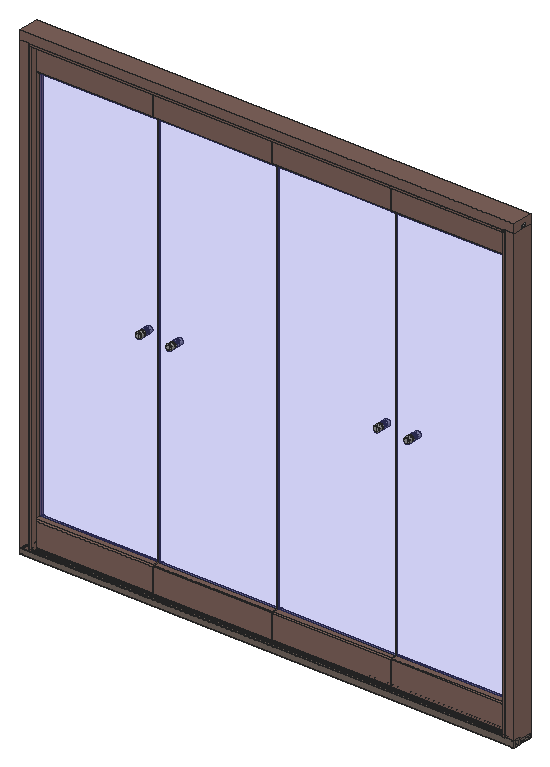
Revit family "FL4L 2385 LH", category Doors, host Wall, Revit 2015
Parameters (values of type "FL4L 2385 LH")
  Function = Interior
  Frame Projection Ext. = 25 mm
  Frame Projection Int. = 25 mm
  Frame Width = 75 mm
  Height = 2385 mm
  Wall Closure = By host
  Width = 2510 mm
Reference planes
  plane 1: y = 0
  plane 2 "Center (Left/Right)": x = 0
  plane 3 "Left": x = -1255
  plane 4 "Right": x = 1255
  plane 5: z = 2385
  plane 6 "Exterior": y = 75
  plane 7 "Interior": y = -75
  plane 8: x = 606
  plane 9: x = 602
  plane 10: x = 2
  plane 11: x = -2
  plane 12: x = -602
  plane 13: x = -606
Forms (mm)
  Extrusion 1, solid, material "Meranti (Frameless)"
    sketch origin (0, 0, 285) x (0, 1, 0) y (0, 0, 1)
      loop
        line (52.5, 2100) -> (-52.5, 2100) -> (-52.5, 2055) -> (-6.5, 2055) -> (-6.5, 2075) -> (15.5, 2075) -> (15.5, 2055) -> (52.5, 2055) -> (52.5, 2100)
    from -1255 to 1255
  Extrusion 2, solid, material "Steel, Chrome Plated"
    sketch origin (667.231, -1.5, 285) x (0, 1, 0) y (0, 0, 1)
      loop
        line (16.5, 2075) -> (-4.5, 2075) -> (-4.5, 2055) -> (-2.3, 2055) -> (-2.3, 2072.8) -> (14.3, 2072.8) -> (14.3, 2055) -> (16.5, 2055) -> (16.5, 2075)
    from -1922.231 to 587.769
  Extrusion 3, solid, material "Meranti (Frameless)"
    sketch origin (0, 0, 0) x (1, 0, 0) y (0, 1, 0)
      loop
        line (-1255, 52.5) -> (-1255, -52.5) -> (-1210, -52.5) -> (-1210, 24.5) -> (-1222, 24.5) -> (-1222, 52.5) -> (-1255, 52.5)
      loop
        line (1255, 52.5) -> (1222, 52.5) -> (1222, 24.5) -> (1210, 24.5) -> (1210, -52.5) -> (1255, -52.5) -> (1255, 52.5)
    from 32 to 2340
  Extrusion 4, solid, material "Aluminium Cill (Bronze)"
    sketch origin (0, 79.18, -119.746) x (0, 1, 0) y (0, 0, 1)
      loop
        line (-26.68, 120.746) -> (-26.68, 135.746)
        arc (-26.68, 135.746) -> (-27.558, 137.867) -> (-29.68, 138.746) r 3
        line (-29.68, 138.746) -> (-40.947, 138.746)
        arc (-40.947, 138.746) -> (-42.68, 137.746) -> (-44.412, 138.746) r 2
        line (-44.412, 138.746) -> (-48.947, 138.746)
        arc (-48.947, 138.746) -> (-50.68, 137.746) -> (-52.412, 138.746) r 2
        line (-52.412, 138.746) -> (-56.947, 138.746)
        arc (-56.947, 138.746) -> (-58.68, 137.746) -> (-60.412, 138.746) r 2
        line (-60.412, 138.746) -> (-67.18, 138.746) -> (-67.18, 135.246)
        arc (-67.18, 135.246) -> (-67.619, 134.185) -> (-68.68, 133.746) r 1.5
        line (-68.68, 133.746) -> (-73.43, 133.746) -> (-73.43, 135.746) -> (-71.996, 135.746)
        arc (-71.996, 135.746) -> (-74.68, 138.746) -> (-77.363, 135.746) r 2.7
        line (-77.363, 135.746) -> (-75.93, 135.746) -> (-75.93, 133.746) -> (-80.68, 133.746)
        arc (-80.68, 133.746) -> (-81.74, 134.185) -> (-82.18, 135.246) r 1.5
        line (-82.18, 135.246) -> (-82.18, 138.746) -> (-90.432, 138.746) -> (-98.68, 138.746) -> (-98.68, 143.746)
        arc (-98.68, 143.746) -> (-99.18, 144.246) -> (-99.68, 143.746) r 0.5
        line (-99.68, 143.746) -> (-99.68, 142.734) -> (-100.88, 142.734) -> (-100.88, 150.246) -> (-99.68, 150.246) -> (-99.68, 149.246)
        arc (-99.68, 149.246) -> (-99.18, 148.746) -> (-98.68, 149.246) r 0.5
        line (-98.68, 149.246) -> (-98.68, 150.746)
        arc (-98.68, 150.746) -> (-98.972, 151.453) -> (-99.68, 151.746) r 1
        line (-99.68, 151.746) -> (-109.447, 151.746)
        arc (-109.447, 151.746) -> (-111.18, 150.746) -> (-112.912, 151.746) r 2
        line (-112.912, 151.746) -> (-117.447, 151.746)
        arc (-117.447, 151.746) -> (-119.18, 150.746) -> (-120.912, 151.746) r 2
        line (-120.912, 151.746) -> (-130.68, 151.746)
        arc (-130.68, 151.746) -> (-131.387, 151.453) -> (-131.68, 150.746) r 1
        line (-131.68, 150.746) -> (-131.68, 120.746)
        arc (-131.68, 120.746) -> (-131.387, 120.039) -> (-130.68, 119.746) r 1
        line (-130.68, 119.746) -> (-27.68, 119.746)
        arc (-27.68, 119.746) -> (-26.972, 120.039) -> (-26.68, 120.746) r 1
      loop
        line (-29.68, 137.246) -> (-40.23, 137.246)
        arc (-40.23, 137.246) -> (-42.68, 136.246) -> (-45.129, 137.246) r 3.5
        line (-45.129, 137.246) -> (-48.23, 137.246)
        arc (-48.23, 137.246) -> (-50.68, 136.246) -> (-53.129, 137.246) r 3.5
        line (-53.129, 137.246) -> (-56.23, 137.246)
        arc (-56.23, 137.246) -> (-58.68, 136.246) -> (-61.129, 137.246) r 3.5
        line (-61.129, 137.246) -> (-65.68, 137.246) -> (-65.68, 135.246)
        arc (-65.68, 135.246) -> (-66.558, 133.125) -> (-68.68, 132.246) r 3
        line (-68.68, 132.246) -> (-73.93, 132.246) -> (-73.93, 121.246) -> (-28.18, 121.246) -> (-28.18, 135.746)
        arc (-28.18, 135.746) -> (-28.619, 136.807) -> (-29.68, 137.246) r 1.5
      loop
        line (-75.43, 132.246) -> (-80.68, 132.246)
        arc (-80.68, 132.246) -> (-82.801, 133.125) -> (-83.68, 135.246) r 3
        line (-83.68, 135.246) -> (-83.68, 137.246) -> (-98.68, 137.246) -> (-98.68, 121.246) -> (-75.43, 121.246) -> (-75.43, 132.246)
      loop
        line (-100.18, 121.246) -> (-100.18, 141.246) -> (-102.38, 141.246) -> (-102.38, 150.246) -> (-108.73, 150.246)
        arc (-108.73, 150.246) -> (-111.18, 149.246) -> (-113.629, 150.246) r 3.5
        line (-113.629, 150.246) -> (-116.73, 150.246)
        arc (-116.73, 150.246) -> (-119.18, 149.246) -> (-121.629, 150.246) r 3.5
        line (-121.629, 150.246) -> (-130.18, 150.246) -> (-130.18, 121.246) -> (-100.18, 121.246)
    from -1255 to 1255
  Extrusion 5, solid, material "Meranti (Frameless)"
    sketch origin (0, 0, 0) x (1, 0, 0) y (0, 1, 0)
      loop
        line (-1255, 52.5) -> (-1255, -19.5) -> (-1210, -19.5) -> (-1210, 24.5) -> (-1222, 24.5) -> (-1222, 52.5) -> (-1255, 52.5)
      loop
        line (1255, 52.5) -> (1222, 52.5) -> (1222, 24.5) -> (1210, 24.5) -> (1210, -19.5) -> (1255, -19.5) -> (1255, 52.5)
    from 19 to 32
  Extrusion 6, solid, material "Meranti (Frameless)"
    sketch origin (0, 0, 285) x (0, 1, 0) y (0, 0, 1)
      loop
        line (-52.5, 2052) -> (-52.5, 2042) -> (-26.5, 2042) -> (-26.5, 2045.5) -> (-33.5, 2045.5) -> (-33.5, 2048.5) -> (-26.5, 2048.5) -> (-26.5, 2055) -> (-49.5, 2055) -> (-49.5, 2052) -> (-52.5, 2052)
    from -1210 to 1210
  Extrusion 7, solid, material "Meranti (Frameless)"
    sketch origin (0, 0, 285) x (1, 0, 0) y (0, 1, 0)
      loop
        line (-1207, -52.5) -> (-1197, -52.5) -> (-1197, -26.5) -> (-1200.5, -26.5) -> (-1200.5, -33.5) -> (-1203.5, -33.5) -> (-1203.5, -26.5) -> (-1210, -26.5) -> (-1210, -49.5) -> (-1207, -49.5) -> (-1207, -52.5)
      loop
        line (1207, -52.5) -> (1207, -49.5) -> (1210, -49.5) -> (1210, -26.5) -> (1203.5, -26.5) -> (1203.5, -33.5) -> (1200.5, -33.5) -> (1200.5, -26.5) -> (1197, -26.5) -> (1197, -52.5) -> (1207, -52.5)
    from -253 to 2042
  Extrusion 8, solid, material "Meranti (Frameless)"
    sketch origin (296, 0, 0) x (0, 1, 0) y (0, 0, 1)
      loop
        line (24.5, 24) -> (24.5, 112) -> (13, 112) -> (13, 162) -> (-15.5, 162) -> (-20.5, 157) -> (-20.5, 37) -> (-15.5, 37) -> (-15.5, 24) -> (24.5, 24)
      loop
        line (24.5, 2335) -> (-20.5, 2335) -> (-20.5, 2202) -> (-15.5, 2197) -> (13, 2197) -> (13, 2247) -> (24.5, 2247) -> (24.5, 2335)
    from 310 to 910
  Extrusion 9, solid, material "Glass"
    sketch origin (769.601, -93.1, -804.253) x (1, 0, 0) y (0, 0, 1)
      loop
        line (-163.601, 3051.253) -> (-163.601, 916.253) -> (436.399, 916.253) -> (436.399, 3051.253) -> (-163.601, 3051.253)
    from -116.1 to -106.1
  Extrusion 10, solid, material "Rubber, Black"
    sketch origin (298.5, 0, 0) x (0, 1, 0) y (0, 0, 1)
      loop
        line (24.5, 112) -> (24.5, 162) -> (23, 162) -> (23, 112) -> (24.5, 112)
      loop
        line (24.5, 2197) -> (24.5, 2247) -> (23, 2247) -> (23, 2197) -> (24.5, 2197)
    from 307.5 to 907.5
  Revolve 11, solid, material "Steel, S 460"
    sketch origin (756, 0, -1800) x (0, 1, 0) y (0, 0, 1)
      loop
        line (24.5, 1941.5) -> (31.5, 1941.5) -> (31.5, 1950) -> (29.5, 1952) -> (24.5, 1952) -> (24.5, 1941.5)
      axis (31.5, 1937) -> (24.5, 1937)
    angle from 0 to 360
  Revolve 12, solid, material "Steel, S 460"
    sketch origin (1056, 0, -1800) x (0, 1, 0) y (0, 0, -1)
      loop
        line (24.5, -1941.5) -> (24.5, -1952) -> (29.5, -1952) -> (31.5, -1950) -> (31.5, -1941.5) -> (24.5, -1941.5)
      axis (31.5, -1937) -> (24.5, -1937)
    angle from 0 to 360
  Revolve 13, solid, material "Steel, S 460"
    sketch origin (756, 0, 285) x (0, 1, 0) y (0, 0, 1)
      loop
        line (24.5, 1941.5) -> (31.5, 1941.5) -> (31.5, 1950) -> (29.5, 1952) -> (24.5, 1952) -> (24.5, 1941.5)
      axis (31.5, 1937) -> (24.5, 1937)
    angle from 0 to 360
  Revolve 14, solid, material "Steel, S 460"
    sketch origin (1056, 0, 285) x (0, 1, 0) y (0, 0, -1)
      loop
        line (24.5, -1941.5) -> (24.5, -1952) -> (29.5, -1952) -> (31.5, -1950) -> (31.5, -1941.5) -> (24.5, -1941.5)
      axis (31.5, -1937) -> (24.5, -1937)
    angle from 0 to 360
  Revolve 15, solid, material "Steel, Chrome Plated"
    sketch origin (681, -128.249, 152.823) x (0, 1, 0) y (0, 0, 1)
      loop
        line (151.249, 1026.677) -> (181.249, 1026.677) -> (181.249, 1040.677) -> (180.249, 1041.677) -> (164.249, 1041.677) -> (159.249, 1036.677) -> (154.249, 1041.677) -> (151.249, 1041.677) -> (151.249, 1026.677)
      axis (181.249, 1026.677) -> (151.249, 1026.677)
    angle from 0 to 360
  Revolve 16, solid, material "Steel, Chrome Plated"
    sketch origin (681, 164.249, 152.823) x (0, -1, 0) y (0, 0, -1)
      loop
        line (151.249, -1026.677) -> (151.249, -1041.677) -> (154.249, -1041.677) -> (159.249, -1036.677) -> (164.249, -1041.677) -> (180.249, -1041.677) -> (181.249, -1040.677) -> (181.249, -1026.677) -> (151.249, -1026.677)
      axis (181.249, -1026.677) -> (151.249, -1026.677)
    angle from 0 to 360
  Extrusion 17, solid, material "Meranti (Frameless)"
    sketch origin (-308, 0, 0) x (0, 1, 0) y (0, 0, 1)
      loop
        line (24.5, 24) -> (24.5, 112) -> (13, 112) -> (13, 162) -> (-15.5, 162) -> (-20.5, 157) -> (-20.5, 37) -> (-15.5, 37) -> (-15.5, 24) -> (24.5, 24)
      loop
        line (24.5, 2335) -> (-20.5, 2335) -> (-20.5, 2202) -> (-15.5, 2197) -> (13, 2197) -> (13, 2247) -> (24.5, 2247) -> (24.5, 2335)
    from 310 to 910
  Extrusion 18, solid, material "Glass"
    sketch origin (165.601, -93.1, -804.253) x (1, 0, 0) y (0, 0, 1)
      loop
        line (-163.601, 3051.253) -> (-163.601, 916.253) -> (436.399, 916.253) -> (436.399, 3051.253) -> (-163.601, 3051.253)
    from -116.1 to -106.1
  Extrusion 19, solid, material "Rubber, Black"
    sketch origin (-305.5, 0, 0) x (0, 1, 0) y (0, 0, 1)
      loop
        line (24.5, 112) -> (24.5, 162) -> (23, 162) -> (23, 112) -> (24.5, 112)
      loop
        line (24.5, 2197) -> (24.5, 2247) -> (23, 2247) -> (23, 2197) -> (24.5, 2197)
    from 307.5 to 907.5
  Revolve 20, solid, material "Steel, S 460"
    sketch origin (152, 0, -1800) x (0, 1, 0) y (0, 0, 1)
      loop
        line (24.5, 1941.5) -> (31.5, 1941.5) -> (31.5, 1950) -> (29.5, 1952) -> (24.5, 1952) -> (24.5, 1941.5)
      axis (31.5, 1937) -> (24.5, 1937)
    angle from 0 to 360
  Revolve 21, solid, material "Steel, S 460"
    sketch origin (452, 0, -1800) x (0, 1, 0) y (0, 0, -1)
      loop
        line (24.5, -1941.5) -> (24.5, -1952) -> (29.5, -1952) -> (31.5, -1950) -> (31.5, -1941.5) -> (24.5, -1941.5)
      axis (31.5, -1937) -> (24.5, -1937)
    angle from 0 to 360
  Revolve 22, solid, material "Steel, S 460"
    sketch origin (152, 0, 285) x (0, 1, 0) y (0, 0, 1)
      loop
        line (24.5, 1941.5) -> (31.5, 1941.5) -> (31.5, 1950) -> (29.5, 1952) -> (24.5, 1952) -> (24.5, 1941.5)
      axis (31.5, 1937) -> (24.5, 1937)
    angle from 0 to 360
  Revolve 23, solid, material "Steel, S 460"
    sketch origin (452, 0, 285) x (0, 1, 0) y (0, 0, -1)
      loop
        line (24.5, -1941.5) -> (24.5, -1952) -> (29.5, -1952) -> (31.5, -1950) -> (31.5, -1941.5) -> (24.5, -1941.5)
      axis (31.5, -1937) -> (24.5, -1937)
    angle from 0 to 360
  Extrusion 24, solid, material "Meranti (Frameless)"
    sketch origin (-912, 0, 0) x (0, 1, 0) y (0, 0, 1)
      loop
        line (24.5, 24) -> (24.5, 112) -> (13, 112) -> (13, 162) -> (-15.5, 162) -> (-20.5, 157) -> (-20.5, 37) -> (-15.5, 37) -> (-15.5, 24) -> (24.5, 24)
      loop
        line (24.5, 2335) -> (-20.5, 2335) -> (-20.5, 2202) -> (-15.5, 2197) -> (13, 2197) -> (13, 2247) -> (24.5, 2247) -> (24.5, 2335)
    from 310 to 910
  Extrusion 25, solid, material "Glass"
    sketch origin (-438.399, -93.1, -804.253) x (1, 0, 0) y (0, 0, 1)
      loop
        line (-163.601, 3051.253) -> (-163.601, 916.253) -> (436.399, 916.253) -> (436.399, 3051.253) -> (-163.601, 3051.253)
    from -116.1 to -106.1
  Extrusion 26, solid, material "Rubber, Black"
    sketch origin (-909.5, 0, 0) x (0, 1, 0) y (0, 0, 1)
      loop
        line (24.5, 112) -> (24.5, 162) -> (23, 162) -> (23, 112) -> (24.5, 112)
      loop
        line (24.5, 2197) -> (24.5, 2247) -> (23, 2247) -> (23, 2197) -> (24.5, 2197)
    from 307.5 to 907.5
  Revolve 27, solid, material "Steel, S 460"
    sketch origin (-452, 0, -1800) x (0, 1, 0) y (0, 0, 1)
      loop
        line (24.5, 1941.5) -> (31.5, 1941.5) -> (31.5, 1950) -> (29.5, 1952) -> (24.5, 1952) -> (24.5, 1941.5)
      axis (31.5, 1937) -> (24.5, 1937)
    angle from 0 to 360
  Revolve 28, solid, material "Steel, S 460"
    sketch origin (-152, 0, -1800) x (0, 1, 0) y (0, 0, -1)
      loop
        line (24.5, -1941.5) -> (24.5, -1952) -> (29.5, -1952) -> (31.5, -1950) -> (31.5, -1941.5) -> (24.5, -1941.5)
      axis (31.5, -1937) -> (24.5, -1937)
    angle from 0 to 360
  Revolve 29, solid, material "Steel, S 460"
    sketch origin (-452, 0, 285) x (0, 1, 0) y (0, 0, 1)
      loop
        line (24.5, 1941.5) -> (31.5, 1941.5) -> (31.5, 1950) -> (29.5, 1952) -> (24.5, 1952) -> (24.5, 1941.5)
      axis (31.5, 1937) -> (24.5, 1937)
    angle from 0 to 360
  Revolve 30, solid, material "Steel, S 460"
    sketch origin (-152, 0, 285) x (0, 1, 0) y (0, 0, -1)
      loop
        line (24.5, -1941.5) -> (24.5, -1952) -> (29.5, -1952) -> (31.5, -1950) -> (31.5, -1941.5) -> (24.5, -1941.5)
      axis (31.5, -1937) -> (24.5, -1937)
    angle from 0 to 360
  Extrusion 31, solid, material "Meranti (Frameless)"
    sketch origin (-1516, 0, 0) x (0, 1, 0) y (0, 0, 1)
      loop
        line (24.5, 24) -> (24.5, 112) -> (13, 112) -> (13, 162) -> (-15.5, 162) -> (-20.5, 157) -> (-20.5, 37) -> (-15.5, 37) -> (-15.5, 24) -> (24.5, 24)
      loop
        line (24.5, 2335) -> (-20.5, 2335) -> (-20.5, 2202) -> (-15.5, 2197) -> (13, 2197) -> (13, 2247) -> (24.5, 2247) -> (24.5, 2335)
    from 310 to 910
  Extrusion 32, solid, material "Glass"
    sketch origin (-1042.399, -93.1, -804.253) x (1, 0, 0) y (0, 0, 1)
      loop
        line (-163.601, 3051.253) -> (-163.601, 916.253) -> (436.399, 916.253) -> (436.399, 3051.253) -> (-163.601, 3051.253)
    from -116.1 to -106.1
  Extrusion 33, solid, material "Rubber, Black"
    sketch origin (-1513.5, 0, 0) x (0, 1, 0) y (0, 0, 1)
      loop
        line (24.5, 112) -> (24.5, 162) -> (23, 162) -> (23, 112) -> (24.5, 112)
      loop
        line (24.5, 2197) -> (24.5, 2247) -> (23, 2247) -> (23, 2197) -> (24.5, 2197)
    from 307.5 to 907.5
  Revolve 34, solid, material "Steel, S 460"
    sketch origin (-1056, 0, -1800) x (0, 1, 0) y (0, 0, 1)
      loop
        line (24.5, 1941.5) -> (31.5, 1941.5) -> (31.5, 1950) -> (29.5, 1952) -> (24.5, 1952) -> (24.5, 1941.5)
      axis (31.5, 1937) -> (24.5, 1937)
    angle from 0 to 360
  Revolve 35, solid, material "Steel, S 460"
    sketch origin (-756, 0, -1800) x (0, 1, 0) y (0, 0, -1)
      loop
        line (24.5, -1941.5) -> (24.5, -1952) -> (29.5, -1952) -> (31.5, -1950) -> (31.5, -1941.5) -> (24.5, -1941.5)
      axis (31.5, -1937) -> (24.5, -1937)
    angle from 0 to 360
  Revolve 36, solid, material "Steel, S 460"
    sketch origin (-1056, 0, 285) x (0, 1, 0) y (0, 0, 1)
      loop
        line (24.5, 1941.5) -> (31.5, 1941.5) -> (31.5, 1950) -> (29.5, 1952) -> (24.5, 1952) -> (24.5, 1941.5)
      axis (31.5, 1937) -> (24.5, 1937)
    angle from 0 to 360
  Revolve 37, solid, material "Steel, S 460"
    sketch origin (-756, 0, 285) x (0, 1, 0) y (0, 0, -1)
      loop
        line (24.5, -1941.5) -> (24.5, -1952) -> (29.5, -1952) -> (31.5, -1950) -> (31.5, -1941.5) -> (24.5, -1941.5)
      axis (31.5, -1937) -> (24.5, -1937)
    angle from 0 to 360
  Revolve 38, solid, material "Steel, Chrome Plated"
    sketch origin (527, -128.249, 152.823) x (0, 1, 0) y (0, 0, -1)
      loop
        line (151.249, -1026.677) -> (151.249, -1041.677) -> (154.249, -1041.677) -> (159.249, -1036.677) -> (164.249, -1041.677) -> (180.249, -1041.677) -> (181.249, -1040.677) -> (181.249, -1026.677) -> (151.249, -1026.677)
      axis (181.249, -1026.677) -> (151.249, -1026.677)
    angle from 0 to 360
  Revolve 39, solid, material "Steel, Chrome Plated"
    sketch origin (527, 164.249, 152.823) x (0, -1, 0) y (0, 0, 1)
      loop
        line (151.249, 1026.677) -> (181.249, 1026.677) -> (181.249, 1040.677) -> (180.249, 1041.677) -> (164.249, 1041.677) -> (159.249, 1036.677) -> (154.249, 1041.677) -> (151.249, 1041.677) -> (151.249, 1026.677)
      axis (181.249, 1026.677) -> (151.249, 1026.677)
    angle from 0 to 360
  Revolve 40, solid, material "Steel, Chrome Plated"
    sketch origin (-527, -128.249, 152.823) x (0, 1, 0) y (0, 0, 1)
      loop
        line (151.249, 1026.677) -> (181.249, 1026.677) -> (181.249, 1040.677) -> (180.249, 1041.677) -> (164.249, 1041.677) -> (159.249, 1036.677) -> (154.249, 1041.677) -> (151.249, 1041.677) -> (151.249, 1026.677)
      axis (181.249, 1026.677) -> (151.249, 1026.677)
    angle from 0 to 360
  Revolve 41, solid, material "Steel, Chrome Plated"
    sketch origin (-527, 164.249, 152.823) x (0, -1, 0) y (0, 0, -1)
      loop
        line (151.249, -1026.677) -> (151.249, -1041.677) -> (154.249, -1041.677) -> (159.249, -1036.677) -> (164.249, -1041.677) -> (180.249, -1041.677) -> (181.249, -1040.677) -> (181.249, -1026.677) -> (151.249, -1026.677)
      axis (181.249, -1026.677) -> (151.249, -1026.677)
    angle from 0 to 360
  Revolve 42, solid, material "Steel, Chrome Plated"
    sketch origin (-681, -128.249, 152.823) x (0, 1, 0) y (0, 0, -1)
      loop
        line (151.249, -1026.677) -> (151.249, -1041.677) -> (154.249, -1041.677) -> (159.249, -1036.677) -> (164.249, -1041.677) -> (180.249, -1041.677) -> (181.249, -1040.677) -> (181.249, -1026.677) -> (151.249, -1026.677)
      axis (181.249, -1026.677) -> (151.249, -1026.677)
    angle from 0 to 360
  Revolve 43, solid, material "Steel, Chrome Plated"
    sketch origin (-681, 164.249, 152.823) x (0, -1, 0) y (0, 0, 1)
      loop
        line (151.249, 1026.677) -> (181.249, 1026.677) -> (181.249, 1040.677) -> (180.249, 1041.677) -> (164.249, 1041.677) -> (159.249, 1036.677) -> (154.249, 1041.677) -> (151.249, 1041.677) -> (151.249, 1026.677)
      axis (181.249, 1026.677) -> (151.249, 1026.677)
    angle from 0 to 360
Cuts and joins
  joined: Extrusion 3, Extrusion 5
Lines and regions (mm)
  Opening 1
    outline origin (-3050, -75, 0) x (1, 0, 0) y (0, 0, 1)
      loop
        line (1795, 0) -> (4305, 0) -> (4305, 2385) -> (1795, 2385) -> (1795, 0)
  model lines
    curve 1: line (1206, 75, 24) -> (606, 75, 1179.5)
    curve 2: line (1206, 75, 2335) -> (606, 75, 1179.5)
    curve 3: line (734.302, 75, 1192.5) -> (909.302, 75, 1192.5)
    curve 4: line (1048.379, 75, 1192.5) -> (909.302, 75, 1248.691)
    curve 5: line (909.302, 75, 1248.691) -> (909.302, 75, 1136.309)
    curve 6: line (1048.379, 75, 1192.5) -> (909.302, 75, 1136.309)
    curve 7: line (-734.302, 75, 1192.5) -> (-909.302, 75, 1192.5)
    curve 8: line (-1048.379, 75, 1192.5) -> (-909.302, 75, 1248.691)
    curve 9: line (-909.302, 75, 1248.691) -> (-909.302, 75, 1136.309)
    curve 10: line (-1048.379, 75, 1192.5) -> (-909.302, 75, 1136.309)
    curve 11: line (-130.302, 75, 1192.5) -> (-305.302, 75, 1192.5)
    curve 12: line (-444.379, 75, 1192.5) -> (-305.302, 75, 1248.691)
    curve 13: line (-305.302, 75, 1248.691) -> (-305.302, 75, 1136.309)
    curve 14: line (-444.379, 75, 1192.5) -> (-305.302, 75, 1136.309)
    curve 15: line (473.698, 75, 1192.5) -> (298.698, 75, 1192.5)
    curve 16: line (159.621, 75, 1192.5) -> (298.698, 75, 1248.691)
    curve 17: line (298.698, 75, 1248.691) -> (298.698, 75, 1136.309)
    curve 18: line (159.621, 75, 1192.5) -> (298.698, 75, 1136.309)
    curve 19: line (-1206, 24.5, 0) -> (-1000.788, 588.316, 0)
    curve 20: line (-1000.788, 588.316, 0) -> (-958.502, 572.925, 0)
    curve 21: line (-958.502, 572.925, 0) -> (-1163.714, 9.109, 0)
    curve 22: line (-711.003, 24.5, 0) -> (-916.216, 588.316, 0)
    curve 23: line (-916.216, 588.316, 0) -> (-958.502, 572.925, 0)
    curve 24: line (-958.502, 572.925, 0) -> (-753.29, 9.109, 0)
    curve 25: line (-711.003, 24.5, 0) -> (-505.791, 588.316, 0)
    curve 26: line (-505.791, 588.316, 0) -> (-463.505, 572.925, 0)
    curve 27: line (-463.505, 572.925, 0) -> (-668.717, 9.109, 0)
    curve 28: line (1206, 24.5, 0) -> (1000.788, 588.316, 0)
    curve 29: line (1000.788, 588.316, 0) -> (958.502, 572.925, 0)
    curve 30: line (958.502, 572.925, 0) -> (1163.714, 9.109, 0)
Text (mm)
  text "Exterior" at (-2295.016, 1099.543, 0), in view "Ref. Level"
  text "Exterior" at (0, 1615.38, 3698.081), in view "Left"
  text "Exterior" at (0, 1036.032, 3874.932), in view "Right"
Dimensions and locks
  equal spacing: plane 3 "Left", plane 2 "Center (Left/Right)", plane 4 "Right"
  "Width": plane 3 "Left" to plane 4 "Right"
  "Height": plane 5 to host wall
  host wall to plane 5 = 2385 mm  (x2)
  locked: plane 6 "Exterior" to host wall at 0
  locked: plane 7 "Interior" to host wall
  plane 3 "Left" to plane 4 "Right" = 2510 mm
  aligned and locked: plane 3 "Left" to Opening 1 sketch curve
  aligned and locked: plane 5 to Opening 1 sketch curve  (x2)
  aligned and locked: Opening 1 sketch curve to plane 4 "Right"
  aligned and locked: Opening 1 sketch curve to level
  aligned and locked: plane 1 to host wall
  aligned and locked: Extrusion 8 to Extrusion 10  (x2)
  aligned and locked: Extrusion 17 to Extrusion 19  (x2)
  aligned and locked: Extrusion 24 to Extrusion 26  (x2)
  aligned and locked: Extrusion 31 to Extrusion 33  (x2)
Automatic sketch dimensions
  Extrusion 3 sketch curve to plane 3 "Left" = 0 mm
  Extrusion 3 sketch curve to plane 4 "Right" = 0 mm
  Extrusion 3 sketch curve to plane 3 "Left" = 33 mm
  Extrusion 3 sketch curve to Extrusion 3 sketch curve = 45 mm  (x2)
  Extrusion 3 sketch curve to Extrusion 3 sketch curve = 12 mm
  Extrusion 3 sketch curve to host wall = 22.5 mm  (x4)
  Extrusion 3 sketch curve to host wall = 24.5 mm  (x2)
  Extrusion 4 sketch curve to level = 0 mm
  level to Extrusion 4 sketch curve = 1 mm
  Extrusion 4 sketch curve to host wall = 22.5 mm
  Extrusion 4 sketch curve to Extrusion 4 sketch curve = 1 mm  (x7)
  Extrusion 4 sketch curve to Extrusion 4 sketch curve = 0.5 mm  (x8)
  Extrusion 4 sketch curve to Extrusion 4 sketch curve = 8.551 mm
  Extrusion 4 sketch curve to Extrusion 4 sketch curve = 0.717 mm  (x10)
  Extrusion 4 sketch curve to Extrusion 4 sketch curve = 1.732 mm  (x10)
  Extrusion 4 sketch curve to Extrusion 4 sketch curve = 0 mm  (x26)
  Extrusion 4 sketch curve to Extrusion 4 sketch curve = 3.101 mm  (x3)
  Extrusion 4 sketch curve to Extrusion 4 sketch curve = 6.351 mm
  Extrusion 4 sketch curve to Extrusion 4 sketch curve = 1.5 mm  (x15)
  Extrusion 4 sketch curve to Extrusion 4 sketch curve = 0.7 mm
  level to Extrusion 4 sketch curve = 1.5 mm  (x3)
  Extrusion 4 sketch curve to Extrusion 4 sketch curve = 1.2 mm  (x2)
  Extrusion 4 sketch curve to Extrusion 4 sketch curve = 8.248 mm
  host wall to Extrusion 4 sketch curve = 4.5 mm
  host wall to Extrusion 4 sketch curve = 1.5 mm  (x2)
  Extrusion 4 sketch curve to host wall = 1.817 mm
  Extrusion 4 sketch curve to Extrusion 4 sketch curve = 1.433 mm  (x3)
  Extrusion 4 sketch curve to host wall = 3.75 mm
  Extrusion 4 sketch curve to Extrusion 4 sketch curve = 1.25 mm  (x2)
  Extrusion 4 sketch curve to Extrusion 4 sketch curve = 3.317 mm
  Extrusion 4 sketch curve to Extrusion 4 sketch curve = 4.551 mm
  Extrusion 4 sketch curve to Extrusion 4 sketch curve = 10.551 mm
  Extrusion 4 sketch curve to Extrusion 4 sketch curve = 11 mm
  Extrusion 4 sketch curve to Extrusion 4 sketch curve = 14.5 mm
  Extrusion 4 sketch curve to Extrusion 4 sketch curve = 2 mm  (x4)
  Extrusion 4 sketch curve to Extrusion 4 sketch curve = 0.3 mm
  Extrusion 4 sketch curve to Extrusion 4 sketch curve = 2.5 mm
  Extrusion 4 sketch curve to Extrusion 4 sketch curve = 1.488 mm
  Extrusion 4 sketch curve to Extrusion 4 sketch curve = 1.012 mm
  Extrusion 4 sketch curve to Extrusion 4 sketch curve = 5.5 mm
  Extrusion 5 sketch curve to plane 3 "Left" = 0 mm
  Extrusion 5 sketch curve to plane 4 "Right" = 0 mm
  Extrusion 5 sketch curve to Extrusion 5 sketch curve = 33 mm
  host wall to Extrusion 5 sketch curve = 19.5 mm  (x2)
  Extrusion 5 sketch curve to Extrusion 5 sketch curve = 45 mm
  plane 4 "Right" to Extrusion 5 sketch curve = 45 mm
  Extrusion 5 sketch curve to Extrusion 5 sketch curve = 12 mm
  Extrusion 5 sketch curve to host wall = 24.5 mm  (x2)
  Extrusion 5 sketch curve to host wall = 22.5 mm  (x2)
  Extrusion 7 sketch curve to plane 3 "Left" = 45 mm
  Extrusion 7 sketch curve to Extrusion 7 sketch curve = 3 mm  (x5)
  Extrusion 7 sketch curve to Extrusion 7 sketch curve = 6.5 mm  (x2)
  Extrusion 7 sketch curve to Extrusion 7 sketch curve = 10 mm  (x2)
  host wall to Extrusion 7 sketch curve = 26.5 mm  (x2)
  plane 4 "Right" to Extrusion 7 sketch curve = 58 mm
  Extrusion 7 sketch curve to Extrusion 7 sketch curve = 3.5 mm
  Extrusion 7 sketch curve to Extrusion 7 sketch curve = 0 mm  (x2)
  Extrusion 7 sketch curve to Extrusion 7 sketch curve = 7 mm  (x2)
  Extrusion 7 sketch curve to Extrusion 7 sketch curve = 16 mm  (x2)
  Revolve 11 sketch curve to host wall = 24.5 mm
  Revolve 11 sketch curve to Revolve 11 sketch curve = 5 mm
  Revolve 11 sketch curve to Revolve 11 sketch curve = 2 mm  (x2)
  level to Revolve 11 sketch curve = 141.5 mm
  Revolve 11 sketch curve to Revolve 11 sketch curve = 8.5 mm
  Revolve 11 sketch curve to Revolve 11 sketch curve = 6.469 mm
  Revolve 11 sketch curve to Revolve 11 sketch curve = 5.515 mm
  Revolve 11 sketch curve to Revolve 11 sketch curve = 4.5 mm
  Revolve 12 sketch curve to host wall = 24.5 mm
  Revolve 12 sketch curve to Revolve 12 sketch curve = 5 mm
  Revolve 12 sketch curve to Revolve 12 sketch curve = 2 mm  (x2)
  level to Revolve 12 sketch curve = 152 mm
  Revolve 12 sketch curve to Revolve 12 sketch curve = 8.5 mm
  Revolve 12 sketch curve to Revolve 12 sketch curve = 6.469 mm
  Revolve 12 sketch curve to Revolve 12 sketch curve = 5.515 mm
  Revolve 12 sketch curve to Revolve 12 sketch curve = 4.5 mm
  Revolve 15 sketch curve to host wall = 23 mm
  Revolve 15 sketch curve to Revolve 15 sketch curve = 3 mm
  Revolve 15 sketch curve to Revolve 15 sketch curve = 5 mm  (x2)
  Revolve 15 sketch curve to Revolve 15 sketch curve = 16 mm
  Revolve 15 sketch curve to Revolve 15 sketch curve = 1 mm  (x2)
  level to Revolve 15 sketch curve = 1179.5 mm
  Revolve 15 sketch curve to Revolve 15 sketch curve = 10 mm
  Revolve 15 sketch curve to Revolve 15 sketch curve = 14 mm
  Revolve 15 sketch curve to Revolve 15 sketch curve = 0 mm  (x3)
  Revolve 20 sketch curve to host wall = 24.5 mm
  Revolve 20 sketch curve to Revolve 20 sketch curve = 5 mm
  Revolve 20 sketch curve to Revolve 20 sketch curve = 2 mm  (x2)
  level to Revolve 20 sketch curve = 141.5 mm
  Revolve 20 sketch curve to Revolve 20 sketch curve = 8.5 mm
  Revolve 20 sketch curve to Revolve 20 sketch curve = 6.469 mm
  Revolve 20 sketch curve to Revolve 20 sketch curve = 5.515 mm
  Revolve 20 sketch curve to Revolve 20 sketch curve = 4.5 mm
  Revolve 21 sketch curve to host wall = 24.5 mm
  Revolve 21 sketch curve to Revolve 21 sketch curve = 5 mm
  Revolve 21 sketch curve to Revolve 21 sketch curve = 2 mm  (x2)
  level to Revolve 21 sketch curve = 152 mm
  Revolve 21 sketch curve to Revolve 21 sketch curve = 8.5 mm
  Revolve 21 sketch curve to Revolve 21 sketch curve = 6.469 mm
  Revolve 21 sketch curve to Revolve 21 sketch curve = 5.515 mm
  Revolve 21 sketch curve to Revolve 21 sketch curve = 4.5 mm
  Revolve 27 sketch curve to host wall = 24.5 mm
  Revolve 27 sketch curve to Revolve 27 sketch curve = 5 mm
  Revolve 27 sketch curve to Revolve 27 sketch curve = 2 mm  (x2)
  level to Revolve 27 sketch curve = 141.5 mm
  Revolve 27 sketch curve to Revolve 27 sketch curve = 8.5 mm
  Revolve 27 sketch curve to Revolve 27 sketch curve = 6.469 mm
  Revolve 27 sketch curve to Revolve 27 sketch curve = 5.515 mm
  Revolve 27 sketch curve to Revolve 27 sketch curve = 4.5 mm
  Revolve 28 sketch curve to host wall = 24.5 mm
  Revolve 28 sketch curve to Revolve 28 sketch curve = 5 mm
  Revolve 28 sketch curve to Revolve 28 sketch curve = 2 mm  (x2)
  level to Revolve 28 sketch curve = 152 mm
  Revolve 28 sketch curve to Revolve 28 sketch curve = 8.5 mm
  Revolve 28 sketch curve to Revolve 28 sketch curve = 6.469 mm
  Revolve 28 sketch curve to Revolve 28 sketch curve = 5.515 mm
  Revolve 28 sketch curve to Revolve 28 sketch curve = 4.5 mm
  Revolve 34 sketch curve to host wall = 24.5 mm
  Revolve 34 sketch curve to Revolve 34 sketch curve = 5 mm
  Revolve 34 sketch curve to Revolve 34 sketch curve = 2 mm  (x2)
  level to Revolve 34 sketch curve = 141.5 mm
  Revolve 34 sketch curve to Revolve 34 sketch curve = 8.5 mm
  Revolve 34 sketch curve to Revolve 34 sketch curve = 6.469 mm
  Revolve 34 sketch curve to Revolve 34 sketch curve = 5.515 mm
  Revolve 34 sketch curve to Revolve 34 sketch curve = 4.5 mm
  Revolve 35 sketch curve to host wall = 24.5 mm
  Revolve 35 sketch curve to Revolve 35 sketch curve = 5 mm
  Revolve 35 sketch curve to Revolve 35 sketch curve = 2 mm  (x2)
  level to Revolve 35 sketch curve = 152 mm
  Revolve 35 sketch curve to Revolve 35 sketch curve = 8.5 mm
  Revolve 35 sketch curve to Revolve 35 sketch curve = 6.469 mm
  Revolve 35 sketch curve to Revolve 35 sketch curve = 5.515 mm
  Revolve 35 sketch curve to Revolve 35 sketch curve = 4.5 mm
  Revolve 39 sketch curve to host wall = 0 mm
  Revolve 39 sketch curve to host wall = 5 mm
  Revolve 39 sketch curve to Revolve 39 sketch curve = 5 mm
  Revolve 39 sketch curve to Revolve 39 sketch curve = 3 mm
  host wall to Revolve 39 sketch curve = 16 mm
  Revolve 39 sketch curve to Revolve 39 sketch curve = 1 mm  (x2)
  level to Revolve 39 sketch curve = 1179.5 mm
  Revolve 39 sketch curve to Revolve 39 sketch curve = 10 mm
  Revolve 39 sketch curve to Revolve 39 sketch curve = 14 mm
  Revolve 39 sketch curve to Revolve 39 sketch curve = 0 mm  (x3)
  Revolve 40 sketch curve to host wall = 23 mm
  Revolve 40 sketch curve to Revolve 40 sketch curve = 3 mm
  Revolve 40 sketch curve to Revolve 40 sketch curve = 5 mm  (x2)
  Revolve 40 sketch curve to Revolve 40 sketch curve = 16 mm
  Revolve 40 sketch curve to Revolve 40 sketch curve = 1 mm  (x2)
  level to Revolve 40 sketch curve = 1179.5 mm
  Revolve 40 sketch curve to Revolve 40 sketch curve = 10 mm
  Revolve 40 sketch curve to Revolve 40 sketch curve = 14 mm
  Revolve 40 sketch curve to Revolve 40 sketch curve = 0 mm  (x3)
  Revolve 43 sketch curve to host wall = 0 mm
  Revolve 43 sketch curve to host wall = 5 mm
  Revolve 43 sketch curve to Revolve 43 sketch curve = 5 mm
  Revolve 43 sketch curve to Revolve 43 sketch curve = 3 mm
  host wall to Revolve 43 sketch curve = 16 mm
  Revolve 43 sketch curve to Revolve 43 sketch curve = 1 mm  (x2)
  level to Revolve 43 sketch curve = 1179.5 mm
  Revolve 43 sketch curve to Revolve 43 sketch curve = 10 mm
  Revolve 43 sketch curve to Revolve 43 sketch curve = 14 mm
  Revolve 43 sketch curve to Revolve 43 sketch curve = 0 mm  (x3)
  curve 19 to plane 3 "Left" = 254.212 mm
  curve 19 to curve 20 = 42.286 mm
  curve 20 to curve 23 = 42.286 mm
  curve 22 to host wall = 24.5 mm
  curve 22 to plane 13 = 105.003 mm
  plane 12 to curve 25 = 96.209 mm
  curve 25 to curve 27 = 42.286 mm
  plane 4 "Right" to curve 29 = 296.498 mm
  curve 29 to curve 28 = 42.286 mm
  host wall to curve 24 = 497.925 mm
  host wall to curve 30 = 497.925 mm
  curve 27 to curve 22 = 15.391 mm
  curve 20 to curve 20 = 15.391 mm
  curve 29 to curve 28 = 15.391 mm
  curve 21 to host wall = 9.109 mm
  curve 19 to host wall = 24.5 mm
  curve 24 to host wall = 9.109 mm
  curve 27 to host wall = 9.109 mm
  curve 30 to host wall = 9.109 mm
  curve 28 to host wall = 24.5 mm
  curve 2 to plane 8 = 0 mm
  plane 10 to curve 18 = 296.698 mm
  curve 16 to curve 15 = 139.078 mm
  plane 12 to curve 14 = 296.698 mm
  curve 12 to curve 11 = 139.078 mm
  curve 10 to plane 13 = 303.302 mm
  curve 10 to curve 7 = 139.078 mm
  plane 8 to curve 4 = 303.302 mm
  curve 3 to curve 4 = 139.078 mm
  level to curve 17 = 1136.309 mm
  curve 14 to curve 17 = 0 mm
  curve 10 to curve 13 = 0 mm
  curve 6 to curve 17 = 0 mm
  curve 5 to curve 1 = 43.191 mm
  curve 5 to curve 6 = 56.191 mm
  curve 9 to curve 8 = 56.191 mm
  curve 17 to curve 16 = 56.191 mm
  curve 13 to curve 12 = 56.191 mm
  curve 13 to curve 13 = 112.382 mm
  curve 5 to curve 4 = 112.382 mm
  curve 9 to curve 9 = 112.382 mm
  curve 17 to curve 16 = 112.382 mm
  curve 15 to plane 9 = 128.302 mm
  curve 11 to plane 11 = 128.302 mm
  curve 7 to plane 13 = 128.302 mm
  plane 8 to curve 3 = 128.302 mm
  plane 4 "Right" to curve 2 = 49 mm
  level to curve 1 = 24 mm
  plane 4 "Right" to curve 1 = 49 mm
  curve 9 to curve 7 = 56.191 mm
  curve 15 to curve 16 = 56.191 mm
  curve 1 to curve 3 = 13 mm
  curve 11 to curve 12 = 56.191 mm
  plane 5 to curve 2 = 50 mm
  plane 5 to Extrusion 1 sketch curve = 0 mm
  Extrusion 1 sketch curve to host wall = 22.5 mm  (x2)
  host wall to Extrusion 1 sketch curve = 6.5 mm
  Extrusion 1 sketch curve to host wall = 15.5 mm
  plane 5 to Extrusion 1 sketch curve = 25 mm
  Extrusion 1 sketch curve to Extrusion 1 sketch curve = 20 mm  (x2)
  host wall to Extrusion 2 sketch curve = 6 mm
  Extrusion 2 sketch curve to Extrusion 2 sketch curve = 2.2 mm  (x3)
  Extrusion 2 sketch curve to host wall = 12.8 mm
  plane 5 to Extrusion 2 sketch curve = 45 mm
  Extrusion 2 sketch curve to Extrusion 2 sketch curve = 0 mm
  Extrusion 2 sketch curve to Extrusion 2 sketch curve = 17.8 mm
  Extrusion 6 sketch curve to host wall = 22.5 mm
  Extrusion 6 sketch curve to Extrusion 6 sketch curve = 3 mm  (x3)
  Extrusion 6 sketch curve to Extrusion 6 sketch curve = 16 mm
  Extrusion 6 sketch curve to Extrusion 6 sketch curve = 7 mm
  Extrusion 6 sketch curve to Extrusion 6 sketch curve = 0 mm
  plane 5 to Extrusion 6 sketch curve = 58 mm
  Extrusion 6 sketch curve to Extrusion 6 sketch curve = 3.5 mm
  Extrusion 6 sketch curve to Extrusion 6 sketch curve = 10 mm
  host wall to Extrusion 8 sketch curve = 20.5 mm  (x2)
  Extrusion 8 sketch curve to Extrusion 8 sketch curve = 5 mm  (x5)
  Extrusion 8 sketch curve to host wall = 13 mm  (x2)
  Extrusion 8 sketch curve to host wall = 24.5 mm
  Extrusion 8 sketch curve to Extrusion 8 sketch curve = 11.5 mm
  level to Extrusion 8 sketch curve = 24 mm
  Extrusion 8 sketch curve to Extrusion 8 sketch curve = 13 mm
  Extrusion 8 sketch curve to Extrusion 8 sketch curve = 75 mm
  Extrusion 8 sketch curve to Extrusion 8 sketch curve = 45 mm
  plane 5 to Extrusion 8 sketch curve = 188 mm
  Extrusion 8 sketch curve to Extrusion 8 sketch curve = 50 mm
  plane 5 to Extrusion 8 sketch curve = 50 mm
  Extrusion 9 sketch curve to plane 8 = 0 mm
  plane 4 "Right" to Extrusion 9 sketch curve = 49 mm
  level to Extrusion 9 sketch curve = 112 mm
  plane 5 to Extrusion 9 sketch curve = 138 mm
  Extrusion 10 sketch curve to host wall = 23 mm  (x2)
  Extrusion 10 sketch curve to Extrusion 10 sketch curve = 1.5 mm  (x2)
  level to Extrusion 10 sketch curve = 112 mm
  Extrusion 10 sketch curve to Extrusion 10 sketch curve = 50 mm  (x2)
  plane 5 to Extrusion 10 sketch curve = 188 mm
  Revolve 13 sketch curve to host wall = 24.5 mm
  Revolve 13 sketch curve to Revolve 13 sketch curve = 5 mm
  Revolve 13 sketch curve to Revolve 13 sketch curve = 2 mm  (x2)
  plane 5 to Revolve 13 sketch curve = 158.5 mm
  Revolve 13 sketch curve to Revolve 13 sketch curve = 8.5 mm
  Revolve 13 sketch curve to Revolve 13 sketch curve = 6.469 mm
  Revolve 13 sketch curve to Revolve 13 sketch curve = 5.515 mm
  Revolve 13 sketch curve to Revolve 13 sketch curve = 4.5 mm
  Revolve 14 sketch curve to host wall = 24.5 mm
  Revolve 14 sketch curve to Revolve 14 sketch curve = 5 mm
  Revolve 14 sketch curve to Revolve 14 sketch curve = 2 mm  (x2)
  plane 5 to Revolve 14 sketch curve = 148 mm
  Revolve 14 sketch curve to Revolve 14 sketch curve = 8.5 mm
  Revolve 14 sketch curve to Revolve 14 sketch curve = 6.469 mm
  Revolve 14 sketch curve to Revolve 14 sketch curve = 5.515 mm
  Revolve 14 sketch curve to Revolve 14 sketch curve = 4.5 mm
  Revolve 16 sketch curve to host wall = 0 mm
  Revolve 16 sketch curve to host wall = 5 mm
  Revolve 16 sketch curve to Revolve 16 sketch curve = 5 mm
  Revolve 16 sketch curve to Revolve 16 sketch curve = 3 mm
  host wall to Revolve 16 sketch curve = 16 mm
  Revolve 16 sketch curve to Revolve 16 sketch curve = 1 mm  (x2)
  plane 5 to Revolve 16 sketch curve = 1190.5 mm
  Revolve 16 sketch curve to Revolve 16 sketch curve = 0 mm  (x4)
  Revolve 16 sketch curve to Revolve 16 sketch curve = 14 mm
  host wall to Extrusion 17 sketch curve = 20.5 mm  (x2)
  Extrusion 17 sketch curve to Extrusion 17 sketch curve = 5 mm  (x5)
  Extrusion 17 sketch curve to host wall = 13 mm  (x2)
  Extrusion 17 sketch curve to host wall = 24.5 mm
  Extrusion 17 sketch curve to Extrusion 17 sketch curve = 11.5 mm
  level to Extrusion 17 sketch curve = 24 mm
  Extrusion 17 sketch curve to Extrusion 17 sketch curve = 13 mm
  Extrusion 17 sketch curve to Extrusion 17 sketch curve = 75 mm
  Extrusion 17 sketch curve to Extrusion 17 sketch curve = 45 mm
  plane 5 to Extrusion 17 sketch curve = 188 mm
  Extrusion 17 sketch curve to Extrusion 17 sketch curve = 50 mm
  plane 5 to Extrusion 17 sketch curve = 50 mm
  Extrusion 18 sketch curve to plane 10 = 0 mm
  Extrusion 18 sketch curve to plane 9 = 0 mm
  level to Extrusion 18 sketch curve = 112 mm
  plane 5 to Extrusion 18 sketch curve = 138 mm
  Extrusion 19 sketch curve to host wall = 23 mm  (x2)
  Extrusion 19 sketch curve to Extrusion 19 sketch curve = 1.5 mm  (x2)
  level to Extrusion 19 sketch curve = 112 mm
  Extrusion 19 sketch curve to Extrusion 19 sketch curve = 50 mm  (x2)
  plane 5 to Extrusion 19 sketch curve = 188 mm
  Revolve 22 sketch curve to host wall = 24.5 mm
  Revolve 22 sketch curve to Revolve 22 sketch curve = 5 mm
  Revolve 22 sketch curve to Revolve 22 sketch curve = 2 mm  (x2)
  plane 5 to Revolve 22 sketch curve = 158.5 mm
  Revolve 22 sketch curve to Revolve 22 sketch curve = 8.5 mm
  Revolve 22 sketch curve to Revolve 22 sketch curve = 6.469 mm
  Revolve 22 sketch curve to Revolve 22 sketch curve = 5.515 mm
  Revolve 22 sketch curve to Revolve 22 sketch curve = 4.5 mm
  Revolve 23 sketch curve to host wall = 24.5 mm
  Revolve 23 sketch curve to Revolve 23 sketch curve = 5 mm
  Revolve 23 sketch curve to Revolve 23 sketch curve = 2 mm  (x2)
  plane 5 to Revolve 23 sketch curve = 148 mm
  Revolve 23 sketch curve to Revolve 23 sketch curve = 8.5 mm
  Revolve 23 sketch curve to Revolve 23 sketch curve = 6.469 mm
  Revolve 23 sketch curve to Revolve 23 sketch curve = 5.515 mm
  Revolve 23 sketch curve to Revolve 23 sketch curve = 4.5 mm
  host wall to Extrusion 24 sketch curve = 20.5 mm  (x2)
  Extrusion 24 sketch curve to Extrusion 24 sketch curve = 5 mm  (x5)
  Extrusion 24 sketch curve to host wall = 13 mm  (x2)
  Extrusion 24 sketch curve to host wall = 24.5 mm
  Extrusion 24 sketch curve to Extrusion 24 sketch curve = 11.5 mm
  level to Extrusion 24 sketch curve = 24 mm
  Extrusion 24 sketch curve to Extrusion 24 sketch curve = 13 mm
  Extrusion 24 sketch curve to Extrusion 24 sketch curve = 75 mm
  Extrusion 24 sketch curve to Extrusion 24 sketch curve = 45 mm
  plane 5 to Extrusion 24 sketch curve = 188 mm
  Extrusion 24 sketch curve to Extrusion 24 sketch curve = 50 mm
  plane 5 to Extrusion 24 sketch curve = 50 mm
  Extrusion 25 sketch curve to plane 12 = 0 mm
  Extrusion 25 sketch curve to plane 11 = 0 mm
  level to Extrusion 25 sketch curve = 112 mm
  plane 5 to Extrusion 25 sketch curve = 138 mm
  Extrusion 26 sketch curve to host wall = 23 mm  (x2)
  Extrusion 26 sketch curve to Extrusion 26 sketch curve = 1.5 mm  (x2)
  level to Extrusion 26 sketch curve = 112 mm
  Extrusion 26 sketch curve to Extrusion 26 sketch curve = 50 mm  (x2)
  plane 5 to Extrusion 26 sketch curve = 188 mm
  Revolve 29 sketch curve to host wall = 24.5 mm
  Revolve 29 sketch curve to Revolve 29 sketch curve = 5 mm
  Revolve 29 sketch curve to Revolve 29 sketch curve = 2 mm  (x2)
  plane 5 to Revolve 29 sketch curve = 158.5 mm
  Revolve 29 sketch curve to Revolve 29 sketch curve = 8.5 mm
  Revolve 29 sketch curve to Revolve 29 sketch curve = 6.469 mm
  Revolve 29 sketch curve to Revolve 29 sketch curve = 5.515 mm
  Revolve 29 sketch curve to Revolve 29 sketch curve = 4.5 mm
  Revolve 30 sketch curve to host wall = 24.5 mm
  Revolve 30 sketch curve to Revolve 30 sketch curve = 5 mm
  Revolve 30 sketch curve to Revolve 30 sketch curve = 2 mm  (x2)
  plane 5 to Revolve 30 sketch curve = 148 mm
  Revolve 30 sketch curve to Revolve 30 sketch curve = 8.5 mm
  Revolve 30 sketch curve to Revolve 30 sketch curve = 6.469 mm
  Revolve 30 sketch curve to Revolve 30 sketch curve = 5.515 mm
  Revolve 30 sketch curve to Revolve 30 sketch curve = 4.5 mm
  host wall to Extrusion 31 sketch curve = 20.5 mm  (x2)
  Extrusion 31 sketch curve to Extrusion 31 sketch curve = 5 mm  (x5)
  Extrusion 31 sketch curve to host wall = 13 mm  (x2)
  Extrusion 31 sketch curve to host wall = 24.5 mm
  Extrusion 31 sketch curve to Extrusion 31 sketch curve = 11.5 mm
  level to Extrusion 31 sketch curve = 24 mm
  Extrusion 31 sketch curve to Extrusion 31 sketch curve = 13 mm
  Extrusion 31 sketch curve to Extrusion 31 sketch curve = 75 mm
  Extrusion 31 sketch curve to Extrusion 31 sketch curve = 45 mm
  plane 5 to Extrusion 31 sketch curve = 188 mm
  Extrusion 31 sketch curve to Extrusion 31 sketch curve = 50 mm
  plane 5 to Extrusion 31 sketch curve = 50 mm
  Extrusion 32 sketch curve to plane 13 = 0 mm
  Extrusion 32 sketch curve to plane 3 "Left" = 49 mm
  level to Extrusion 32 sketch curve = 112 mm
  plane 5 to Extrusion 32 sketch curve = 138 mm
  Extrusion 33 sketch curve to host wall = 23 mm  (x2)
  Extrusion 33 sketch curve to Extrusion 33 sketch curve = 1.5 mm  (x2)
  level to Extrusion 33 sketch curve = 112 mm
  Extrusion 33 sketch curve to Extrusion 33 sketch curve = 50 mm  (x2)
  plane 5 to Extrusion 33 sketch curve = 188 mm
  Revolve 36 sketch curve to host wall = 24.5 mm
  Revolve 36 sketch curve to Revolve 36 sketch curve = 5 mm
  Revolve 36 sketch curve to Revolve 36 sketch curve = 2 mm  (x2)
  plane 5 to Revolve 36 sketch curve = 158.5 mm
  Revolve 36 sketch curve to Revolve 36 sketch curve = 8.5 mm
  Revolve 36 sketch curve to Revolve 36 sketch curve = 6.469 mm
  Revolve 36 sketch curve to Revolve 36 sketch curve = 5.515 mm
  Revolve 36 sketch curve to Revolve 36 sketch curve = 4.5 mm
  Revolve 37 sketch curve to host wall = 24.5 mm
  Revolve 37 sketch curve to Revolve 37 sketch curve = 5 mm
  Revolve 37 sketch curve to Revolve 37 sketch curve = 2 mm  (x2)
  plane 5 to Revolve 37 sketch curve = 148 mm
  Revolve 37 sketch curve to Revolve 37 sketch curve = 8.5 mm
  Revolve 37 sketch curve to Revolve 37 sketch curve = 6.469 mm
  Revolve 37 sketch curve to Revolve 37 sketch curve = 5.515 mm
  Revolve 37 sketch curve to Revolve 37 sketch curve = 4.5 mm
  Revolve 38 sketch curve to host wall = 23 mm
  Revolve 38 sketch curve to Revolve 38 sketch curve = 3 mm
  Revolve 38 sketch curve to Revolve 38 sketch curve = 5 mm  (x2)
  Revolve 38 sketch curve to Revolve 38 sketch curve = 16 mm
  Revolve 38 sketch curve to Revolve 38 sketch curve = 1 mm  (x2)
  plane 5 to Revolve 38 sketch curve = 1190.5 mm
  Revolve 38 sketch curve to Revolve 38 sketch curve = 0 mm  (x4)
  Revolve 38 sketch curve to Revolve 38 sketch curve = 14 mm
  Revolve 41 sketch curve to host wall = 0 mm
  Revolve 41 sketch curve to host wall = 5 mm
  Revolve 41 sketch curve to Revolve 41 sketch curve = 5 mm
  Revolve 41 sketch curve to Revolve 41 sketch curve = 3 mm
  host wall to Revolve 41 sketch curve = 16 mm
  Revolve 41 sketch curve to Revolve 41 sketch curve = 1 mm  (x2)
  plane 5 to Revolve 41 sketch curve = 1190.5 mm
  Revolve 41 sketch curve to Revolve 41 sketch curve = 0 mm  (x4)
  Revolve 41 sketch curve to Revolve 41 sketch curve = 14 mm
  Revolve 42 sketch curve to host wall = 23 mm
  Revolve 42 sketch curve to Revolve 42 sketch curve = 3 mm
  Revolve 42 sketch curve to Revolve 42 sketch curve = 5 mm  (x2)
  Revolve 42 sketch curve to Revolve 42 sketch curve = 16 mm
  Revolve 42 sketch curve to Revolve 42 sketch curve = 1 mm  (x2)
  plane 5 to Revolve 42 sketch curve = 1190.5 mm
  Revolve 42 sketch curve to Revolve 42 sketch curve = 0 mm  (x4)
  Revolve 42 sketch curve to Revolve 42 sketch curve = 14 mm
